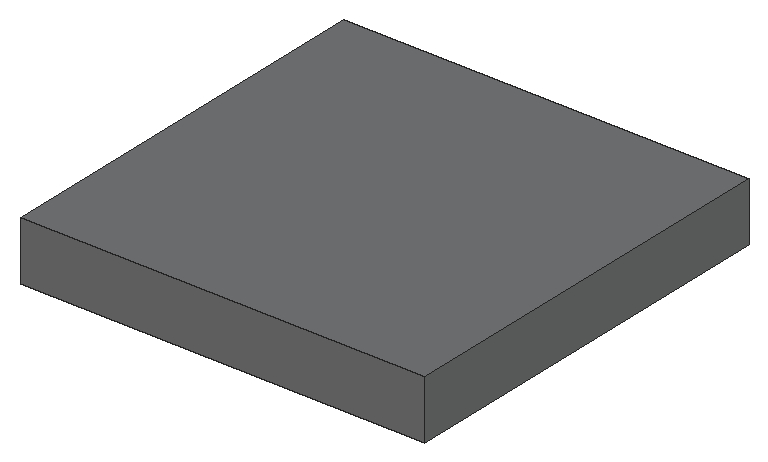
Revit family "Gira_0284600", category Electrical Fixtures, host Face, Revit 2017
Family settings
  Host = Face
  Maintain Annotation Orientation = No
  Round Connector Dimension = Use Diameter
  Part Type = Normal
  Cut with Voids When Loaded = No
  Shared = No
  Room Calculation Point = No
Parameters (values of type "Abd. BSF UAE/IAE + Netzwerk System 55 Edelstahl")
  Zusammenstellung = "Zentralplatte"
  Werkstoffgüte = "sonstige"
  Werkstoff = "Kunststoff"
  Verwendung = "UAE/IAE"
  URL = "http://katalog.gira.de/de_DE/datenblatt.html?artikelnr=0284600"
  Transparent = "No"
  Tragring = "No"
  Region = "DE"
  Oberfläche = "sonstige"
  Name = "Abd. BSF UAE/IAE + Netzwerk System 55 Edelstahl"
  Montageart = "unter Putz"
  Mit Zugentlastung = "No"
  Mit Staubschutz = "No"
  Mit Klappdeckel = "No"
  Mit Aufdruck = "No"
  Manufacturer URL = "https://www.gira.de/"
  Lüsterklemme = "No"
  Keynote = "Sys55_Abdeckung_Schalten und Tasten"
  HeinzeBIM = "https://bimportal.heinze.de/bim/abd-bsf-uae-iae-netzwerk-system-55-edelstahl/6ade07854b502efc13e3128c09772e6872d4d8dd"
  Halogenfrei = "Yes"
  HAN = "0284600"
  Geeignet für Schutzart (IP) = "IP20"
  GTIN = "4010337021612"
  Farbe = "edelstahl"
  Default Elevation = 1219.2 mm
  Data sheet (1) = "https://katalog.gira.de/de_DE/download.html?artikelnr=0284600"
  Category = "Einsatz/Abdeckung für Kommunikationstechnik"
  Beschriftungsfeld = "mit Beschriftungsfeld"
  Befestigungsart = "Befestigung mit Schraube"
  Available = "Yes"
  Ausführung der Oberfläche = "nicht zutreffend"
  Anthrazit [instance] = Anthrazit
Reference planes
  plane 1 "Center (Front/Back)": y = 0
  plane 2: z = 0
  plane 3 "Center (Left/Right)": x = 0
Forms (mm)
  Extrusion 1, solid, material "Anthrazit" <- "Anthrazit", detail levels fine
    sketch origin (0, 0, 0) x (1, 0, 0) y (0, 1, 0)
      loop
        line (-27.5, 27.5) -> (-27.5, -27.5) -> (27.5, -27.5) -> (27.5, 27.5) -> (-27.5, 27.5)
    from 0 to 8
  Extrusion 2, void
    sketch origin (0, 0, 0) x (1, 0, 0) y (0, 1, 0)
      loop
        line (26, 26) -> (-26, 26) -> (-26, -26) -> (26, -26) -> (26, 26)
    from 0 to 6
  Extrusion 3, solid, material "Anthrazit" <- "Anthrazit", detail levels medium
    sketch origin (0, 0, 0) x (1, 0, 0) y (0, 1, 0)
      loop
        line (-27.5, 27.5) -> (-27.5, -27.5) -> (27.5, -27.5) -> (27.5, 27.5) -> (-27.5, 27.5)
    from 0 to 8
  Extrusion 4, solid, material "Anthrazit" <- "Anthrazit", detail levels medium
    sketch origin (0, 0, 0) x (1, 0, 0) y (0, 1, 0)
      loop
        line (11, -17.5) -> (11, 17.5) -> (-11, 17.5) -> (-11, -17.5) -> (11, -17.5)
    from -6 to 6
  Extrusion 5, solid, material "Anthrazit" <- "Anthrazit", detail levels fine
    sketch origin (0, 0, 0) x (1, 0, 0) y (0, 1, 0)
      loop
        line (11, 17.5) -> (-11, 17.5) -> (-11, 16.5) -> (11, 16.5) -> (11, 17.5)
      loop
        line (-11, -16.5) -> (-11, -17.5) -> (11, -17.5) -> (11, -16.5) -> (-11, -16.5)
    from -4 to 6
  Extrusion 6, solid, material "Anthrazit" <- "Anthrazit", detail levels fine
    sketch origin (0, 0, 0) x (1, 0, 0) y (0, 1, 0)
      loop
        arc (5, 9.347) -> (0, 10.6) -> (-5, 9.347) r 10.6
        line (-5, 9.347) -> (-5, -9.347)
        arc (-5, -9.347) -> (0, -10.6) -> (5, -9.347) r 10.6
        line (5, -9.347) -> (5, 9.347)
    from -6 to 6
  Extrusion 7, solid, material "Anthrazit" <- "Anthrazit", detail levels coarse
    sketch origin (0, 0, 0) x (1, 0, 0) y (0, 1, 0)
      loop
        line (-27.5, 27.5) -> (-27.5, -27.5) -> (27.5, -27.5) -> (27.5, 27.5) -> (-27.5, 27.5)
    from -6 to 8
Cuts and joins
  Extrusion 2 cuts Extrusion 1
Dimensions and locks
  aligned and locked: plane 2 to host face
  aligned and locked: level to host face
